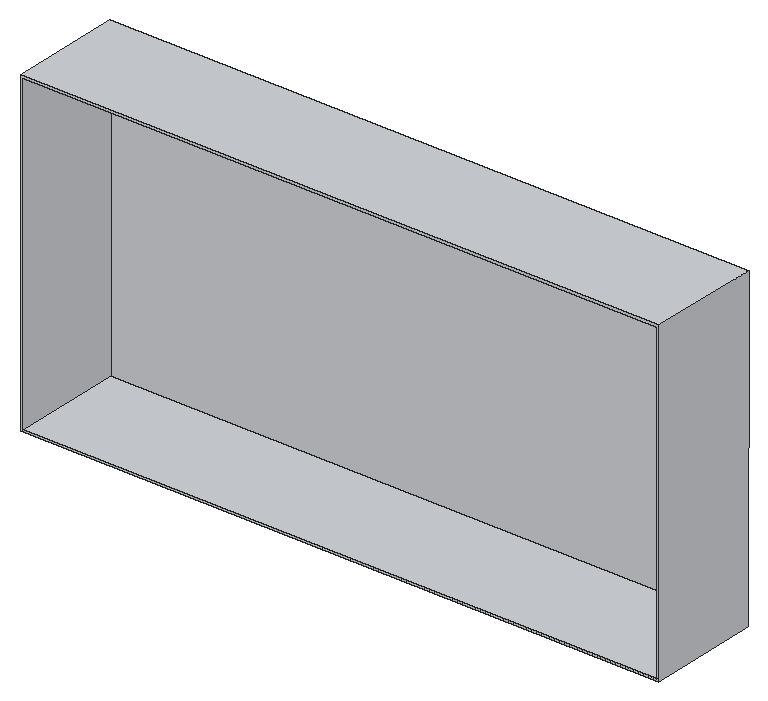
Revit family "Hager-Panelboard_600A-800A_Cable_Spreader-empty-NoHosted-UK-en", category Electrical Equipment, Revit 2020
Family settings
  Panel Configuration = Two Columns, Circuits Across
  Round Connector Dimension = Use Diameter
  Part Type = Panelboard
  Work Plane-Based = Yes
  Always vertical = Yes
  Cut with Voids When Loaded = No
  Shared = No
  Room Calculation Point = No
Parameters (values of type "Surface mounted P2XC W900 H450 D158 0 Modular spacings - JF806E")
  Width Control [instance] = if([HG000006 - Flush mounted], if([EF000846 - Built-in width] > min_whd, [EF000846 - Built-in width], min_whd), if([EF000008 - Width] > min_whd, ([EF000008 - Width]), min_whd))  # 900 mm
  Void Depth [instance] = if([EF000218 - Built-in depth] > 1 mm, [EF000218 - Built-in depth], 1 mm)  # 1 mm
  Type Comments = [HG000003 - Range]  # "Panelboards"
  System Height [instance] = Height Control - 2 * [HG000005 - Thickness]  # 444 mm
  Panel Name [instance] = ""  # (empty or 0)
  Offset [instance] = 0 mm
  Model = [HG000004 - Manufacturer reference]  # "JF806E"
  Level Offset [instance] = [Flush Mounted - Door Frame Width] + Offset  # 0 mm
  HG000017 - Distance between poles = 18 mm
  HG000016 - Door 3d visibility [instance] = yes
  HG000015 - Clearance visibility [instance] = no
  HG000014 - Door on the right [instance] = yes
  HG000013 - Door on the left [instance] = not([HG000014 - Door on the right])  # no
  HG000012 - Door swing angle [instance] = 45.00°
  HG000011 - Empty rows from bottom = no
  HG000010 - Asymmetric doors = no
  HG000009 - Double swing door = no
  HG000008 - Number of empty rows = 0
  HG000007 - Number of empty columns = 0
  HG000006 - Flush mounted = no
  HG000005 - Thickness = 3 mm  # constant formula
  HG000004 - Manufacturer reference = "JF806E"
  HG000003 - Range = "Panelboards"
  HG000002 - With door or cover = no
  HG000001 - Number of columns = 0
  EF015941 - Signal passing door = no
  EF015777 - Neutral terminal block = yes
  EF015776 - Earthing terminal block = yes
  EF009212 - Cover model = ""
  EF006306 - With lock = yes
  EF006244 - Transparent cover/door = no
  EF005474 - Degree of protection (IP) = "EV009848 - IP2XC"
  EF004462 - Type of closure = "EV001412 - Cylinder"
  EF002950 - Width in number of modular spacings = 0
  EF001596 - Material housing = "EV000179 - Steel"
  EF001134 - DIN-rail = no
  EF001131 - Internal depth = 0 mm
  EF001088 - Extension possible = no
  EF001062 - EMC-version = no
  EF000846 - Built-in width = 0 mm
  EF000339 - Type of cover = "EV004216 - Door"
  EF000332 - Built-in height = 0 mm
  EF000266 - Number of rows = 0
  EF000218 - Built-in depth = 0 mm
  EF000118 - With mounting plate = no
  EF000116 - RAL-number = ""
  EF000049 - Depth = 158 mm
  EF000040 - Height = 450 mm
  EF000008 - Width = 900 mm
  EF000007 - Colour = "EV000154 - Other"
  EF000003 - Mounting method = "EV000384 - Surface mounted (plaster)"
  Description = ""
  Default Elevation = 1219.2 mm
  Arrow Offset [instance] = Depth Control / 8  # 19.75 mm
  Arrow Height [instance] = Depth Control - Arrow Offset  # 138.25 mm
  Host Offset [instance] = if([HG000006 - Flush mounted], 0 mm, [EF000049 - Depth])  # 158 mm
  min_whd [instance] = (2 * [HG000005 - Thickness]) + 1 mm  # 7 mm
  Manufacturer = "Hager"  # constant formula
  Height Control [instance] = if([HG000006 - Flush mounted], if([EF000332 - Built-in height] > min_whd, [EF000332 - Built-in height], min_whd), if([EF000040 - Height] > min_whd, ([EF000040 - Height]), min_whd))  # 450 mm
  Flush Mounted - Door Frame Width [instance] = if(([EF000040 - Height] - [EF000332 - Built-in height]) > 0 mm, if([HG000006 - Flush mounted], [EF000040 - Height] - [EF000332 - Built-in height], 0 mm), 0 mm)  # 0 mm
  Depth Control [instance] = if([HG000006 - Flush mounted], if([EF000218 - Built-in depth] > 0 mm, [EF000218 - Built-in depth], 1 mm), if([EF000049 - Depth] > 0 mm, ([EF000049 - Depth]), 1 mm))  # 158 mm
Types (2, lengths in mm): name | System Height | Model | HG000004 - Manufacturer reference | EF001088 - Extension possible | EF000339 - Type of cover | EF000040 - Height | Height Control
  Surface mounted P2XC W900 H300 D158  Modular spacings - JF805E | 294 | "JF805E" | "JF805E" | yes | "EV001012 - Cover" | 300 | 300
  Surface mounted P2XC W900 H450 D158 0 Modular spacings - JF806E | 444 | "JF806E" | "JF806E" | no | "EV004216 - Door" | 450 | 450
Reference planes
  plane 1 "Center (Front/Back)": y = 0
  plane 2: z = 0
  plane 3 "Center (Left/Right)": x = 0
  plane 4: y = 3
  plane 5: y = 0
  plane 6: y = 0
  plane 7: z = 0
  plane 8: x = -450
  plane 9: x = 450
  plane 10: x = 447
  plane 11: x = -447
  plane 12: z = 0
  plane 13: z = 3
  plane 14: y = -153
  plane 15: y = -158
  plane 16: y = -3
  plane 17: z = 447
  plane 18: z = 450
  plane 19: z = 225
  plane 20: x = 0
  plane 21: y = -100
Forms (mm)
  Extrusion 1, solid
    sketch origin (-208.679, -4572, 0) x (-1, 0, 0) y (0, -1, 0)
      loop
        line (241.321, -4414) -> (-658.679, -4414) -> (-658.679, -4572) -> (241.321, -4572) -> (241.321, -4414)
    from 0 to 450 <- "Height Control"
  Extrusion 2, void
    sketch origin (-350.771, -158, 1219.2) x (1, 0, 0) y (0, 0, 1)
      loop
        line (-96.229, -772.2) -> (-96.229, -1216.2) -> (797.771, -1216.2) -> (797.771, -772.2) -> (-96.229, -772.2)
    from 0 to -155
  Extrusion 3, solid, detail levels coarse+medium
    sketch origin (-350.771, -158, 1219.2) x (-1, 0, 0) y (0, 0, 1)
      loop
        line (96.229, -772.2) -> (-797.771, -772.2) -> (-797.771, -1216.2) -> (96.229, -1216.2) -> (96.229, -772.2)
    from 0 to 3 <- "HG000005 - Thickness"
Cuts and joins
  Extrusion 2 cuts Extrusion 1
Dimensions and locks
  "Flush Mounted - Door Frame Width": plane 1 "Center (Front/Back)" to plane 6
  "HG000005 - Thickness": plane 4 to plane 6
  "HG000005 - Thickness": plane 8 to plane 11
  "HG000005 - Thickness": plane 9 to plane 10
  equal spacing: plane 8, plane 3 "Center (Left/Right)", plane 9
  "Width Control": plane 8 to plane 9
  locked: plane 14 to plane 15 at 5
  "Host Offset": plane 1 "Center (Front/Back)" to plane 15
  "Depth Control": plane 5 to plane 15
  "HG000005 - Thickness": plane 5 to plane 16
  "HG000005 - Thickness": plane 13 to plane 12
  "Level Offset": plane 12 to level
  "HG000005 - Thickness": plane 18 to plane 17
  "Height Control": plane 18 to plane 12
  "Arrow Offset": plane 5 to nested 4
  equal spacing: plane 18, plane 19, plane 12
  locked: connector elem to plane 19
  locked: connector elem to plane 3 "Center (Left/Right)"
  aligned and locked: nested 1 to plane 14
  aligned and locked: plane 3 "Center (Left/Right)" to nested 1
  aligned and locked: plane 3 "Center (Left/Right)" to nested 2
  aligned and locked: nested 2 to plane 15
  aligned and locked: Extrusion 1 to plane 5
  aligned and locked: Extrusion 3 sketch curve to plane 17
  aligned and locked: Extrusion 3 sketch curve to plane 11
  aligned and locked: Extrusion 3 sketch curve to plane 13
  aligned and locked: Extrusion 3 sketch curve to plane 10
  aligned and locked: Extrusion 2 sketch curve to plane 13
  aligned and locked: Extrusion 2 sketch curve to plane 10
  aligned and locked: Extrusion 2 sketch curve to plane 17
  aligned and locked: Extrusion 2 sketch curve to plane 11
  aligned and locked: Extrusion 2 to plane 16
  aligned and locked: Extrusion 1 sketch curve to plane 5
  aligned and locked: plane 9 to Extrusion 1 sketch curve
  aligned and locked: plane 8 to Extrusion 1 sketch curve
  aligned and locked: plane 8 to nested 4
  aligned and locked: plane 8 to nested 3
  aligned and locked: nested 3 to plane 5
  aligned and locked: Extrusion 1 sketch curve to plane 15
  aligned and locked: Extrusion 2 to plane 15
Nested families
  nested 1: "Hager_Enclosure_System" at (0, -153, 3), Flush_Mounted <- "HG000006 - Flush mounted", Width <- "EF000008 - Width", Height <- "System Height", Width_Control <- "Width Control", Row_Module_Multiplicator <- "EF002950 - Width in number of modular spacings", Empty_Columns <- "HG000007 - Number of empty columns", Built-in_Width <- "EF000846 - Built-in width", Border <- "HG000005 - Thickness", Total_No_Empty_Rows <- "HG000008 - Number of empty rows", Depth <- "HG000005 - Thickness", Empty_Rows_From_Bottom <- "HG000011 - Empty rows from bottom", Distance_Between_Poles <- "HG000017 - Distance between poles", Rows_Count <- "EF000266 - Number of rows", Columns_Count <- "HG000001 - Number of columns", type "Hager_Enclosure_System", detail levels medium+fine
    with Width_Control 900 mm, Width 900 mm, Total_No_Rows 0, Total_No_Empty_Rows 0, Total_No_Columns 1, System_Width 894 mm, Rows_Count 0, Rows_Column 0, Row_Module_Multiplicator 0, Panel_4 no, Panel_3 no, Panel_2 no, Panel_1 no, No_Panels_Ctrl 1, Hide_Columns yes, Height 444 mm, Flush_Mounted no, Empty_Rows_From_Bottom no, Empty_Rows_Column 0, Empty_Columns 0, Distance_Between_Poles 18 mm, Depth 3 mm, Columns_Count 0, Column_Width 894 mm, Built-in_Width 0 mm, Border 3 mm
  nested 2: "Hager_Enclosure_Door" at (0, -158, 0), Double <- "HG000009 - Double swing door", Height_Ctrl <- "Height Control", Transparent <- "EF006244 - Transparent cover/door", Depth <- "EF000049 - Depth", Height <- "EF000040 - Height", Angle <- "HG000012 - Door swing angle", Door_Right <- "HG000014 - Door on the right", Assymetrical <- "HG000010 - Asymmetric doors", Flush_Mounted <- "HG000006 - Flush mounted", BuiltIn_Depth <- "EF000218 - Built-in depth", BuiltIn_Width <- "EF000846 - Built-in width", Door <- "HG000002 - With door or cover", Width_Ctrl <- "Width Control", 3d_Door <- "HG000016 - Door 3d visibility", Width <- "EF000008 - Width", Border <- "HG000005 - Thickness", BuiltIn_Height <- "EF000332 - Built-in height", Clearance <- "HG000015 - Clearance visibility", Door_Left <- "HG000013 - Door on the left", type "Hager_Enclosure_Door", detail levels medium+fine
    with min_wh 7 mm, Width_Ctrl 900 mm, Width 900 mm, Transparent_Door_No_Bottom_Border no, Transparent no, Leaf_Width 891 mm, Leaf_Tolerance 1.5 mm, Leaf_Height 441 mm, Leaf_2_Width 891 mm, Leaf_2_Offset 445.5 mm, Leaf_1_Width 891 mm, Leaf_1_Offset 445.5 mm, Height_Ctrl 450 mm, Height 450 mm, Frame_Width_Ctrl 900 mm, Frame_Width 900 mm, Frame_Internal_Offset 0 mm, Frame_Height_Ctrl 450 mm, Frame_Height 450 mm, Frame_Depth_Ctrl 1 mm, Frame_Depth 0 mm, Flush_Mounted no, Double_Clearance_Ctrl no, Double no, Door_Right_Ctrl no, Door_Right yes, Door_Left_Ctrl no, Door_Left no, Door no, Depth 158 mm, Clearance_Depth 891 mm, Clearance_Ctrl no, Clearance no, BuiltIn_Width 0 mm, BuiltIn_Height 0 mm, BuiltIn_Depth 0 mm, Border 3 mm, Assymetrical no, Angle 45.00°, 3d_Door yes
  nested 3: "Hager_Enclosure_Symbol_Triangle" at (-450, 0, 0), Depth <- "Depth Control", Width <- "Width Control", type "Hager_Enclosure_Symbol_Triangle"
    with Width_Ctrl 900 mm, Width 900 mm, Depth_Ctrl 158 mm, Depth 158 mm
  nested 4: "Hager_Enclosure_Symbol_Arrow" at (-450, -19.75, 0), Height <- "Arrow Height", type "Hager_Enclosure_Symbol_Arrow"
    with Width_Inside 10.369 mm, Width 124.425 mm, Height_Ctrl 138.25 mm, Height 138.25 mm
Connectors
  electrical at (0, 0, 225)
    settings: on plane 5, index 1, voltage 0 V, apparent load 0 VA, apparent load phase1 0 VA, apparent load phase2 0 VA, apparent load phase3 0 VA, power factor 1, load classification "Other", number of poles 1, system type 30, power factor state 1, is connector primary yes, connector utility no, sub classification motor no, connector description ""
Definition of nested family "Hager_Enclosure_Door"
  Parameters (values of type "Hager_Enclosure_Door")
    min_wh [instance] = (2 * Border) + 1 mm  # 11 mm
    Width_Ctrl [instance] = 400 mm
    Width [instance] = 500 mm
    Transparent_Door_No_Bottom_Border [instance] = no
    Transparent [instance] = yes
    Leaf_Width [instance] = if((Width_Ctrl - 2 * Border - 2 * Leaf_Tolerance) > 0 mm, (Width_Ctrl - 2 * Border - 2 * Leaf_Tolerance), min_wh)  # 387 mm
    Leaf_Tolerance [instance] = 1.5 mm  # constant formula
    Leaf_Height [instance] = if((Height_Ctrl - 2 * Border - 2 * Leaf_Tolerance) > 0 mm, (Height_Ctrl - 2 * Border - 2 * Leaf_Tolerance), min_wh)  # 387 mm
    Leaf_2_Width [instance] = if(and(and(Double, Assymetrical), Door_Left), (Leaf_Width / 3) - (Leaf_Tolerance / 2), if(and(and(Double, Assymetrical), Door_Right), (Leaf_Width / 3) * 2 - (Leaf_Tolerance / 2), if(and(Double, not(Assymetrical)), (Leaf_Width / 2) - Leaf_Tolerance, Leaf_Width)))  # 387 mm
    Leaf_2_Offset [instance] = if(and(Double, Assymetrical), Leaf_2_Width / 2, if(and(Double, not(Assymetrical)), Leaf_Width / 4, Leaf_Width / 2))  # 193.5 mm
    Leaf_1_Width [instance] = if(and(and(Double, Assymetrical), Door_Right), (Leaf_Width / 3) - (Leaf_Tolerance / 2), if(and(and(Double, Assymetrical), Door_Left), (Width / 3) * 2 - (Leaf_Tolerance / 2), if(and(Double, not(Assymetrical)), (Leaf_Width / 2) - Leaf_Tolerance, Leaf_Width)))  # 387 mm
    Leaf_1_Offset [instance] = if(and(Double, Assymetrical), Leaf_1_Width / 2, if(and(Double, not(Assymetrical)), Leaf_Width / 4, Leaf_Width / 2))  # 193.5 mm
    Height_Ctrl [instance] = 400 mm
    Height [instance] = 500 mm
    Frame_Width_Ctrl [instance] = if(Frame_Width > 0 mm, Frame_Width, 1 mm)  # 1 mm
    Frame_Width [instance] = Width - BuiltIn_Width  # 0 mm
    Frame_Internal_Offset [instance] = if(Flush_Mounted, Border, 0 mm)  # 5 mm
    Frame_Height_Ctrl [instance] = if(Frame_Height > 0 mm, Frame_Height, 1 mm)  # 1 mm
    Frame_Height [instance] = Height - BuiltIn_Height  # 0 mm
    Frame_Depth_Ctrl [instance] = if(Frame_Depth > 0 mm, Frame_Depth, 1 mm)  # 1 mm
    Frame_Depth [instance] = if(Depth - BuiltIn_Depth > 0 mm, if(Flush_Mounted, Depth - BuiltIn_Depth, 0 mm), 0 mm)  # 0 mm
    Flush_Mounted [instance] = yes
    Double_Clearance_Ctrl [instance] = and(Double, Clearance)  # no
    Double [instance] = no
    Door_Right_Ctrl [instance] = and(or(Door_Right, Double), Door)  # yes
    Door_Right [instance] = yes
    Door_Left_Ctrl [instance] = and(or(Door_Left, Double), Door)  # no
    Door_Left [instance] = no
    Door [instance] = yes
    Depth [instance] = 500 mm
    Default Elevation = 1219.2 mm
    Clearance_Material = none
    Clearance_Depth [instance] = if(Leaf_1_Width > Leaf_2_Width, Leaf_1_Width, Leaf_2_Width)  # 387 mm
    Clearance_Ctrl [instance] = and(not(Double), Clearance)  # yes
    Clearance [instance] = yes
    BuiltIn_Width [instance] = 500 mm
    BuiltIn_Height [instance] = 500 mm
    BuiltIn_Depth [instance] = 500 mm
    Border [instance] = 5 mm
    Assymetrical [instance] = yes
    Angle [instance] = 30.00°
    3d_Door [instance] = yes
  Reference planes
    plane 1 "Center (Front/Back)": y = 0
    plane 2 "Bottom": z = 0
    plane 3 "Center (Left/Right)": x = 0
    plane 4: z = 400
    plane 5: x = -200
    plane 6: x = 200
    plane 7: z = 395
    plane 8: x = -195
    plane 9: z = 5
    plane 10: x = 195
    plane 11: y = 0
    plane 12: z = 6.5
    plane 13: x = -582
    plane 14: y = -387
    plane 15: x = 582
    plane 16: x = 0
    plane 17: x = 0
    plane 18: x = -193.5
    plane 19: x = 193.5
    plane 20: z = 393.5
  Forms (mm)
    Extrusion 1, solid, visible <- "Flush_Mounted"
      sketch origin (0, 0, 0) x (1, 0, 0) y (0, 0, 1)
        loop
          line (195, 5) -> (195, 395) -> (-195, 395) -> (-195, 5) -> (195, 5)
        loop
          line (-201, 401) -> (-201, -1) -> (201, -1) -> (201, 401) -> (-201, 401)
      from 0 to 1 <- "Frame_Depth_Ctrl"
    Extrusion 2, solid, material <- "Clearance_Material", visible <- "Double_Clearance_Ctrl"
      sketch origin (1200, 0, 0) x (1, 0, 0) y (0, 0, -1)
        loop
          line (-1782, -393.5) -> (-618, -393.5) -> (-618, 0) -> (-1782, 0) -> (-1782, -393.5)
      from 0 to -387
  Dimensions and locks
    equal spacing: plane 5, plane 3 "Center (Left/Right)", plane 6
    "Width_Ctrl": plane 5 to plane 6
    "Border": plane 5 to plane 8
    "Border": plane 6 to plane 10
    "Border": plane 9 to level
    "Border": plane 4 to plane 7
    "Height_Ctrl": plane 4 to level
    "Leaf_Tolerance": plane 12 to plane 9
    "Frame_Depth": plane 11 to plane 1 "Center (Front/Back)"
    "Frame_Width_Ctrl": plane 5 to Extrusion 1 sketch curve
    "Frame_Width_Ctrl": plane 6 to Extrusion 1 sketch curve
    "Frame_Width_Ctrl": Extrusion 1 sketch curve to plane 4
    "Frame_Width_Ctrl": plane 2 "Bottom" to Extrusion 1 sketch curve
    "Leaf_1_Offset": plane 18 to plane 16
    "Leaf_2_Offset": plane 17 to plane 19
    "Leaf_1_Width": plane 13 to plane 8
    "Leaf_2_Width": plane 10 to plane 15
    "Clearance_Depth": plane 14 to plane 1 "Center (Front/Back)"
    "Leaf_Tolerance": plane 8 to plane 18
    "Leaf_Tolerance": plane 19 to plane 10
    "Leaf_Tolerance": plane 7 to plane 20
    "Frame_Internal_Offset": plane 5 to Extrusion 1 sketch curve
    "Frame_Internal_Offset": Extrusion 1 sketch curve to plane 2 "Bottom"
    "Frame_Internal_Offset": plane 6 to Extrusion 1 sketch curve
    "Frame_Internal_Offset": plane 4 to Extrusion 1 sketch curve
    aligned and locked: level to plane 2 "Bottom"
    aligned and locked: nested 1 to plane 16
    aligned and locked: nested 2 to plane 17
    aligned and locked: Extrusion 2 to plane 13
    aligned and locked: plane 15 to Extrusion 2
    aligned and locked: Extrusion 2 to plane 14
    aligned and locked: plane 12 to nested 1
    aligned and locked: nested 2 to plane 12
    aligned and locked: Extrusion 2 to plane 11
    aligned and locked: plane 20 to Extrusion 2
    aligned and locked: nested 2 to plane 11
    aligned and locked: nested 1 to plane 11
  Automatic sketch dimensions
    Extrusion 2 sketch curve to level = 0 mm
    plane 5 to Extrusion 2 sketch curve = 382 mm
    plane 6 to Extrusion 2 sketch curve = 382 mm
    Extrusion 2 sketch curve to plane 4 = 6.5 mm
  Nested families
    nested 1: "Hager_Enclosure_Door_Leaf" at (0, 0, 6.5), Width <- "Leaf_1_Width", visible <- "Door_Left_Ctrl", Leaf_Height <- "Leaf_Height", Angle <- "Angle", Depth <- "Border", 3d_Door <- "3d_Door", Transparent <- "Transparent", Clearance Material <- "Clearance_Material", Clearance <- "Clearance_Ctrl", Transparent_Door_No_Bottom_Border <- "Transparent_Door_No_Bottom_Border", type "Hager_Enclosure_Door_Leaf"
      with Width 387 mm, Transparent_Door_No_Bottom_Border no, Transparent_Door_Border_Bottom_Top 25 mm, Transparent_Door_Border 25 mm, Transparent_Ctrl yes, Transparent yes, Standard no, Leaf_Height 387 mm, Glass_Offset 1 mm, Depth 5 mm, Clearance Material none, Clearance yes, Angle_Ctrl 30.00°, Angle 30.00°, 3d_Door yes
    nested 2: "Hager_Enclosure_Door_Leaf" at (0, 0, 6.5) x (-1, 0, 0) z (0, 0, 1), Width <- "Leaf_2_Width", visible <- "Door_Right_Ctrl", Leaf_Height <- "Leaf_Height", Angle <- "Angle", Depth <- "Border", 3d_Door <- "3d_Door", Transparent <- "Transparent", Clearance Material <- "Clearance_Material", Clearance <- "Clearance_Ctrl", Transparent_Door_No_Bottom_Border <- "Transparent_Door_No_Bottom_Border", type "Hager_Enclosure_Door_Leaf"
      with Width 387 mm, Transparent_Door_No_Bottom_Border no, Transparent_Door_Border_Bottom_Top 25 mm, Transparent_Door_Border 25 mm, Transparent_Ctrl yes, Transparent yes, Standard no, Leaf_Height 387 mm, Glass_Offset 1 mm, Depth 5 mm, Clearance Material none, Clearance yes, Angle_Ctrl 30.00°, Angle 30.00°, 3d_Door yes
  Definition of nested family "Hager_Enclosure_Door_Leaf"
    Parameters (values of type "Hager_Enclosure_Door_Leaf")
      Width [instance] = 2000 mm
      Transparent_Door_No_Bottom_Border [instance] = yes
      Transparent_Door_Border_Bottom_Top [instance] = if(Transparent_Door_No_Bottom_Border, 0.1 mm, Transparent_Door_Border)  # 0.1 mm
      Transparent_Door_Border [instance] = if(Transparent_Door_No_Bottom_Border, (Width * 0.12), 25 mm)  # 240 mm
      Transparent_Ctrl [instance] = and(Transparent, [3d_Door])  # yes
      Transparent [instance] = yes
      Standard [instance] = and(not(Transparent), [3d_Door])  # no
      Leaf_Height [instance] = 2720.336 mm
      Glass_Offset [instance] = if((Depth - 10 mm) / 2 > 0 mm, (Depth - 10 mm) / 2, 1 mm)  # 15 mm
      Glass_Material = none
      Depth [instance] = 40 mm
      Default Elevation = 0 mm
      Clearance Material [instance] = none
      Clearance [instance] = yes
      Angle_Ctrl [instance] = if(Angle > 170.00°, 170.00°, Angle)  # 45.00°
      Angle [instance] = 45.00°
      3d_Door [instance] = yes
    Reference planes
      plane 1 "Center (Front/Back)": y = 0
      plane 2: z = 0
      plane 3 "Center (Left/Right)": x = 0
      plane 4: y = 2000
      plane 5: x = -1000
      plane 6: x = 1000
      plane 7: x = -3000
      plane 8: z = 2720.336
      plane 9: z = 0.1
      plane 10: z = 2720.236
      plane 11: x = 760
      plane 12: x = -760
    Forms (mm)
      Extrusion 1, solid, material <- "Clearance Material", visible <- "Clearance"
        sketch origin (0, 0, 0) x (1, 0, 0) y (0, 0, 1)
          loop
            line (-3000, 2720.336) -> (-3000, 0) -> (1000, 0) -> (1000, 2720.336) -> (-3000, 2720.336)
        from 0 to -2000
      Extrusion 2, solid, visible <- "Standard", detail levels medium+fine
        sketch origin (-1000, 0, 0) x (0.707107, 0.707107, 0) y (-0.707107, 0.707107, 0)
          loop
            line (0, -40) -> (2000, -40) -> (2000, 0) -> (0, 0) -> (0, -40)
        from 0 to 2720.336 <- "Leaf_Height"
      Extrusion 3, solid, visible <- "Transparent_Ctrl", detail levels medium+fine
        sketch origin (-1000, 0, 0) x (0.707107, 0.707107, 0) y (-0.707107, 0.707107, 0)
          loop
            line (0, -40) -> (2000, -40) -> (2000, 0) -> (0, 0) -> (0, -40)
        from 0 to 2720.336 <- "Leaf_Height"
      Extrusion 4, void, detail levels medium+fine
        sketch origin (-1000, 0, 0) x (-0.707107, 0.707107, 0) y (0.707107, 0.707107, 0)
          loop
            line (0, 240) -> (0, 1760) -> (-40, 1760) -> (-40, 240) -> (0, 240)
        from -2720.236 to -0.1
      Extrusion 5, solid, material <- "Glass_Material", visible <- "Transparent_Ctrl", detail levels medium+fine
        sketch origin (-1000, 0, 0) x (0.707107, 0.707107, 0) y (-0.707107, 0.707107, 0)
          loop
            line (240, -15) -> (240, -25) -> (1760, -25) -> (1760, -15) -> (240, -15)
        from 0.1 to 2720.236
    Cuts and joins
      Extrusion 4 cuts Extrusion 3
    Lines and regions (mm)
      symbolic lines
        curve 1: line (1000, 0, 0) -> (-3000, 0, 0)
        curve 2: arc (1000, 0, 0) -> (-1000, 2000, 0) -> (-3000, 0, 0) r 2000
        curve 4: line (-1000, 0, 0) -> (414.214, 1414.214, 0)
      reference lines
        curve 3: line (-1000, 0, 0) -> (414.214, 1414.214, 0)
      symbolic lines, detail levels medium+fine
        curve 5: line (414.214, 1414.214, 0) -> (442.498, 1385.929, 0)
        curve 6: line (442.498, 1385.929, 0) -> (-971.716, -28.284, 0)
        curve 7: line (-971.716, -28.284, 0) -> (-1000, 0, 0)
        curve 8: line (-1000, 0, 2720.336) -> (1000, 0, 2720.336)
        curve 9: line (-1000, 0, 0) -> (-1000, 0, 2720.336)
        curve 10: line (1000, 0, 0) -> (-1000, 0, 0)
        curve 11: line (1000, 0, 2720.336) -> (1000, 0, 0)
      symbolic lines, visible <- "Transparent_Ctrl", detail levels medium+fine
        curve 12: line (-760, 0, 2720.236) -> (760, 0, 2720.236)
        curve 13: line (-760, 0, 0.1) -> (-760, 0, 2720.236)
        curve 14: line (760, 0, 0.1) -> (-760, 0, 0.1)
        curve 15: line (760, 0, 2720.236) -> (760, 0, 0.1)
    Dimensions and locks
      "Width": plane 1 "Center (Front/Back)" to plane 4
      equal spacing: plane 5, plane 3 "Center (Left/Right)", plane 6
      "Width": plane 5 to plane 6
      "Width": plane 7 to plane 5
      "Leaf_Height": plane 8 to level
      "Depth": curve 6 to curve 3
      "Width": curve 5 to curve 3
      "Width": curve 3 to curve 3
      "Transparent_Door_Border": Extrusion 4 sketch curve to curve 7
      "Transparent_Door_Border": Extrusion 4 sketch curve to curve 5
      "Transparent_Door_Border_Bottom_Top": plane 8 to plane 10
      "Transparent_Door_Border_Bottom_Top": plane 9 to level
      "Glass_Offset": Extrusion 5 sketch curve to curve 4
      "Glass_Offset": Extrusion 5 sketch curve to curve 6
      "Transparent_Door_Border": Extrusion 5 sketch curve to curve 5
      "Transparent_Door_Border": Extrusion 5 sketch curve to curve 7
      "Transparent_Door_Border": plane 12 to plane 5
      "Transparent_Door_Border": plane 6 to plane 11
      "Angle_Ctrl": angle plane 1 "Center (Front/Back)" to curve 3
      aligned and locked: level to plane 2
      aligned and locked: Extrusion 1 to curve 1
      aligned and locked: plane 6 to Extrusion 1
      aligned and locked: Extrusion 1 to plane 1 "Center (Front/Back)"
      aligned and locked: plane 4 to Extrusion 1
      aligned and locked: plane 8 to Extrusion 1
      aligned and locked: curve 4 to curve 3
      aligned and locked: Extrusion 2 sketch curve to curve 7
      aligned and locked: Extrusion 2 sketch curve to curve 6
      aligned and locked: Extrusion 2 sketch curve to curve 5
      aligned and locked: Extrusion 2 sketch curve to curve 3
      aligned and locked: curve 7 to Extrusion 3 sketch curve
      aligned and locked: Extrusion 3 sketch curve to curve 4
      aligned and locked: Extrusion 3 sketch curve to curve 6
      aligned and locked: Extrusion 3 sketch curve to curve 5
      aligned and locked: curve 4 to Extrusion 4 sketch curve
      aligned and locked: curve 6 to Extrusion 4 sketch curve
      aligned and locked: Extrusion 4 to plane 9
      aligned and locked: Extrusion 4 to plane 10
      aligned and locked: Extrusion 5 to plane 9
      aligned and locked: Extrusion 5 to plane 10
      aligned and locked: curve 8 to plane 8
      aligned and locked: plane 5 to curve 9
      aligned and locked: plane 2 to curve 10
      aligned and locked: curve 11 to plane 6
      aligned and locked: plane 10 to curve 12
      aligned and locked: plane 12 to curve 13
      aligned and locked: curve 14 to plane 9
      aligned and locked: plane 11 to curve 15
    Automatic sketch dimensions
      plane 1 "Center (Front/Back)" to curve 2 = 0 mm
      curve 2 to plane 5 = 0 mm
      Extrusion 1 sketch curve to level = 0 mm
      Extrusion 1 sketch curve to plane 7 = 0 mm
      Extrusion 1 sketch curve to plane 6 = 0 mm
      Extrusion 1 sketch curve to plane 8 = 0 mm
      plane 1 "Center (Front/Back)" to curve 3 = 0 mm
      curve 3 to plane 5 = 0 mm
      curve 7 to curve 3 = 0 mm
Definition of nested family "Hager_Enclosure_Symbol_Triangle"
  Parameters (values of type "Hager_Enclosure_Symbol_Triangle")
    Width_Ctrl [instance] = if(Width > 1 mm, Width, 1 mm)  # 498 mm
    Width [instance] = 498 mm
    Depth_Ctrl [instance] = if(Depth > 1 mm, Depth, 1 mm)  # 72 mm
    Depth [instance] = 72 mm
  Reference planes
    plane 1 "Centre (avant/arrière)": y = 0
    plane 2: z = 0
    plane 3 "Centre (gauche/droite)": x = 0
  Lines and regions (mm)
    Filled region 1, type "Solid_Black", in view "Niveau de réf."
      outline origin (0, 0, 0) x (1, 0, 0) y (0, 1, 0)
        loop
          line (0, 0) -> (498, 0) -> (498, 72) -> (0, 0)
    reference lines, in view "Niveau de réf."
      curve 1: line (-206.153, 72, 0) -> (1083.258, 72, 0)
      curve 2: line (498, 405.456, 0) -> (498, -517.619, 0)
  Dimensions and locks
    "Depth_Ctrl": plane 1 "Centre (avant/arrière)" to curve 1
    "Width_Ctrl": plane 3 "Centre (gauche/droite)" to curve 2
    aligned and locked: curve 1 to Filled region 1 sketch curve
    aligned and locked: Filled region 1 sketch curve to plane 1 "Centre (avant/arrière)"
    aligned and locked: curve 2 to Filled region 1 sketch curve
    aligned and locked: plane 3 "Centre (gauche/droite)" to Filled region 1 sketch curve
    aligned and locked: plane 1 "Centre (avant/arrière)" to Filled region 1 sketch curve
  Automatic sketch dimensions
    curve 1 to plane 3 "Centre (gauche/droite)" = 206.153 mm
    curve 2 to curve 1 = 585.258 mm
    plane 1 "Centre (avant/arrière)" to curve 2 = 517.619 mm
    curve 2 to plane 1 "Centre (avant/arrière)" = 405.456 mm
Definition of nested family "Hager_Enclosure_Symbol_Arrow"
  Parameters (values of type "Hager_Enclosure_Symbol_Arrow")
    Width_Inside [instance] = if(Width / 12 > 2 mm, Width / 12, 2 mm)  # 4.987 mm
    Width [instance] = if(Height_Ctrl * 0.9 > 2 mm, Height_Ctrl * 0.9, 2 mm)  # 59.85 mm
    Height_Ctrl [instance] = if(Height > 2 mm, Height, 2 mm)  # 66.5 mm
    Height [instance] = 66.5 mm
  Reference planes
    plane 1 "Centre (avant/arrière)": y = 0
    plane 2: z = 0
    plane 3 "Centre (gauche/droite)": x = 0
    plane 4: x = 59.85
    plane 5: y = 28.263
    plane 6: y = 38.238
    plane 7: y = 66.5
    plane 8: x = 29.925
    plane 9: y = 33.25
  Lines and regions (mm)
    Filled region 1, type "Solid_Black", in view "Niveau de réf."
      outline origin (0, 0, 0) x (1, 0, 0) y (0, 1, 0)
        loop
          line (59.85, 66.5) -> (37.929, 52.827) -> (51.846, 41.935) -> (59.85, 66.5)
    detail lines, in view "Niveau de réf."
      curve 1: line (0, 0, 0) -> (29.925, 38.238, 0)
      curve 2: line (29.925, 38.238, 0) -> (29.925, 28.263, 0)
      curve 3: line (29.925, 28.263, 0) -> (59.85, 66.5, 0)
  Dimensions and locks
    "Width": plane 3 "Centre (gauche/droite)" to plane 4
    "Height_Ctrl": plane 7 to plane 1 "Centre (avant/arrière)"
    equal spacing: plane 3 "Centre (gauche/droite)", plane 8, plane 4
    equal spacing: plane 7, plane 9, plane 1 "Centre (avant/arrière)"
    equal spacing: plane 6, plane 9, plane 5
    "Width_Inside": plane 6 to plane 9
    equal spacing: curve 3, Filled region 1 sketch curve, Filled region 1 sketch curve
    angle Filled region 1 sketch curve to curve 3 = 20.00°
    angle curve 3 to Filled region 1 sketch curve = 20.00°
    locked: curve 3 to Filled region 1 sketch curve (angle 90.00°)
  Automatic sketch dimensions
    plane 1 "Centre (avant/arrière)" to curve 1 = 0 mm
    curve 1 to plane 3 "Centre (gauche/droite)" = 0 mm
    curve 2 to plane 6 = 0 mm
    curve 3 to plane 8 = 0 mm
    curve 3 to plane 4 = 0 mm
    curve 2 to plane 5 = 0 mm
    curve 3 to plane 7 = 0 mm
    Filled region 1 sketch curve to plane 4 = 0 mm
    Filled region 1 sketch curve to plane 7 = 0 mm
